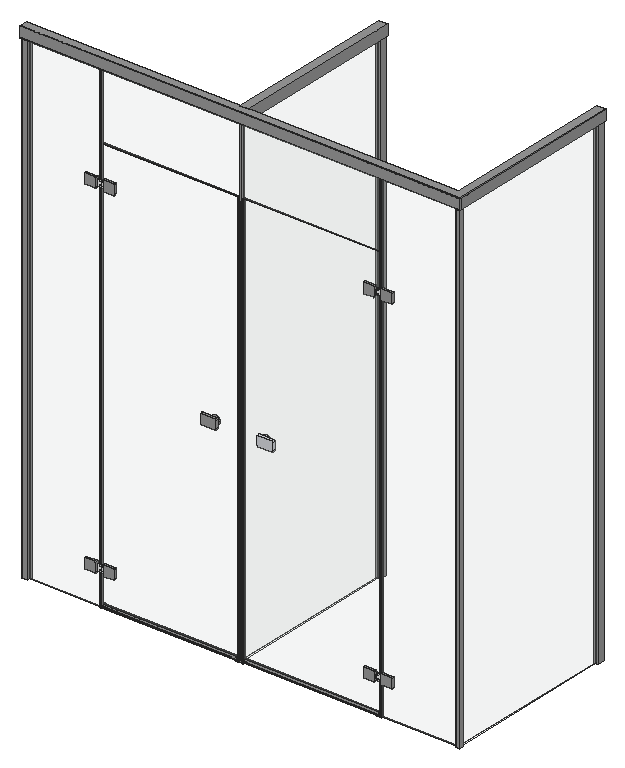
Revit family "Sanitary_Bath-screens_Modular system_Duscholux_SYSTEM210_S21-B", category Aparatos sanitarios, Revit 2019
Family settings
  Cota de conector redondo = Diámetro de uso
  Tipo de pieza = Normal
  Número OmniClass = 23.45.00.00
  Título OmniClass = Sanitary, Laundry, and Cleaning Equipment
  Se basa en plano de trabajo = No
  Siempre vertical = Sí
  Corte con vacíos al cargar = No
  Compartido = No
  Punto de cálculo de habitación = No
Parameters (values of type "Black Aluminium Finish")
  Width = 900 mm
  Uper profile guide = Anodized Aluminium_Duscholux Material-Black Finish
  Superior Glass Height = if(Max Doors Height < 2100 mm, 1 mm, (Max Height - 2134 mm))  # 366 mm
  Min Max Width = if(Width < 180 mm, 180 mm, if(Width > 1400 mm, 1400 mm, Width))  # 900 mm
  Min Max Length fixed segment 2 = if(Length fixed segment 2 < 180 mm, 180 mm, if(Length fixed segment 2 > 1400 mm, 1400 mm, Length fixed segment 2))  # 400 mm
  Min Max Length fixed segment = if(Length fixed segment 1 < 180 mm, 180 mm, if(Length fixed segment 1 > 1400 mm, 1400 mm, Length fixed segment 1))  # 400 mm
  Min Max Door aperture 2 = if(Door aperture 2 < 400 mm, 400 mm, if(Door aperture 2 > 1000 mm, 1000 mm, Door aperture 2))  # 700 mm
  Min Max Door aperture = if(Door aperture < 400 mm, 400 mm, if(Door aperture > 1000 mm, 1000 mm, Door aperture))  # 700 mm
  Max Doors Height = if(Max Height > 2154 mm, 2100 mm, (Max Height - 34 mm))  # 2100 mm
  Length fixed segment 2 = 400 mm
  Length fixed segment 1 = 400 mm
  Lenght = (Min Max Door aperture + Min Max Door aperture 2) + (Min Max Length fixed segment + Min Max Length fixed segment 2)  # 2200 mm
  Uniclass 2015 Description = "Shower Enclosures"
  Uniclass 2015 Code = "PR-40-20-06-79"
  URL = "http://www.duscholux.es/"
  UNSPSC Code = "30181507"
  Thickness Glass = 6 mm  # constant formula
  Thickness Fixed Segment = 8 mm  # constant formula
  Technical Inspection Certificate (Applus) = "http://www.duscholux.es/resources/custom/var/APPLUS_en.pdf"
  Series = "SYSTEM 210"
  Ref. = "S21_B"
  Products = "http://www.duscholux.es/mamparas_filtro.aspx?es"
  Openning right angle = 0.00°
  Openning left angle = 0.00°
  Opening System Image = "https://duscholux.es/resources/custom/img/System21/S21_B.jpg"
  Opening System = "Pivot Door"
  NBS Reference Description = "Shower Enclosures"
  NBS Reference Code = "45-35-70"
  Model = ""
  Min Max Openning angle = if(Openning left angle < -90.00°, -90.00°, if(Openning left angle > 90.00°, 90.00°, Openning left angle))  # 0.00°
  Max Height = if(Height < 1900 mm, 1900 mm, if(Height > 2500 mm, 2500 mm, Height))  # 2500 mm
  Maintenance and Cleaning = "http://www.duscholux.es/mamparas_limpieza.aspx?en"
  Image = "https://duscholux.es/resources/custom/img/System21/System21%205%20NEGRO%20baja.jpg"
  IFC Classification = "Furnishing Element"
  Height = 2500 mm
  Handle Material = Anodized Aluminium_Duscholux Material-Black Finish
  Handle Height = Max Doors Height / 2  # 1050 mm
  Glass in Building UNE EN 12150 = "CE Conformity marking"
  Glass Material = Glass_Material-Duscholux
  Frame Material = Anodized Aluminium_Duscholux Material-Black Finish
  Fact Sheet = "https://duscholux.es/mamparas_system210.aspx?es"
  Fabricante = "Duscholux Ibérica, S.A."
  Environmental Management ISO 14001 = "ECOEMBES Certificate"
  Door aperture 2 = 700 mm
  Door aperture = 700 mm
  Descripción = "Modular system with fixed segments + pivot doors at 180º for different types of rooms"
  Código de montaje = "C1030200"
  Configuration enclosure = "http://configuratumampara.duscholux.es/eCatalogo.aspx"
  Components = "Eropean components"
  Type Comments = ""
  Combinations = "Customizable upper guide"
  Certified Quality UNE EN 14428 = "http://www.duscholux.es/duscholux_downloads.aspx?es"
  COBIe Type Category = ""
  Accesories Material = Anodized Aluminium_Duscholux Material-Black Finish
Reference planes
  plane 1 "Centro (Frontal/Posterior)": y = 0
  plane 2: z = 0
  plane 3 "Centro (Izquierda/Derecha)": x = 0
  plane 4 "Altura total": z = 2500
  plane 5 "Altura tiradores": z = 1050
  plane 6: x = 4
  plane 7: y = 0
  plane 8 "Espesor puertas": y = 6
  plane 9 "Longitud total": x = 2200
  plane 10: z = 1920
  plane 11 "Espesor fijos": y = 8
  plane 12 "Eje inicio puerta 1": x = 400
  plane 13 "Inicio vidrio puerta": z = 8
  plane 14 "Altura bisagra inferior": z = 180
  plane 15 "Eje fijo central": x = 1100
  plane 16 "Eje inicio puerta 2": x = 1800
  plane 17 "Ancho total": y = 900
  plane 18: x = 2196
  plane 19: x = 2204
  plane 20 "Inicio guía superior": z = 2446
  plane 21: z = 1920
  plane 22 "Altura vidrio": z = 2466
  plane 23 "Altura puerta": z = 2100
  plane 24 "Altura bisagra superior": z = 1920
  plane 25: y = 3
Forms (mm)
  Extrusion 1, solid, material "Glass_Material-Duscholux" <- "Glass Material"
    sketch origin (0, 0, 0) x (1, 0, 0) y (0, 1, 0)
      loop
        line (6, 8) -> (6, 0) -> (394, 0) -> (394, 8) -> (6, 8)
    from 0 to 2466
  Extrusion 2, solid, material "Glass_Material-Duscholux" <- "Glass Material"
    sketch origin (400, 0, 0) x (1, 0, 0) y (0, 1, 0)
      loop
        line (0, 6) -> (0, 0) -> (686.029, 0) -> (686.029, 6) -> (0, 6)
    from 8 to 2100
  Extrusion 3, solid, material "Plástico, transparente"
    sketch origin (-322.583, -171.096, 0) x (1, 0, 0) y (0, 1, 0)
      loop
        line (716.583, 179.096) -> (716.583, 171.096) -> (711.583, 171.096) -> (711.583, 170.096) -> (716.583, 170.096) -> (721.183, 170.096)
        arc (721.183, 170.096) -> (722.583, 175.096) -> (721.183, 180.096) r 9.629
        line (721.183, 180.096) -> (716.583, 180.096) -> (711.583, 180.096) -> (711.583, 179.096) -> (716.583, 179.096)
      loop
        line (717.583, 170.596) -> (720.927, 170.596)
        arc (720.927, 170.596) -> (722.083, 175.096) -> (720.927, 179.596) r 9.338
        line (720.927, 179.596) -> (717.583, 179.596) -> (717.583, 170.596)
    from 1937.5 to 2446
  Extrusion 4, solid, material "Plástico, transparente"
    sketch origin (-322.583, -171.096, 0) x (1, 0, 0) y (0, 1, 0)
      loop
        line (716.583, 179.096) -> (716.583, 171.096) -> (711.583, 171.096) -> (711.583, 170.096) -> (716.583, 170.096) -> (721.183, 170.096)
        arc (721.183, 170.096) -> (722.583, 175.096) -> (721.183, 180.096) r 9.629
        line (721.183, 180.096) -> (716.583, 180.096) -> (711.583, 180.096) -> (711.583, 179.096) -> (716.583, 179.096)
      loop
        line (717.583, 170.596) -> (720.927, 170.596)
        arc (720.927, 170.596) -> (722.083, 175.096) -> (720.927, 179.596) r 9.338
        line (720.927, 179.596) -> (717.583, 179.596) -> (717.583, 170.596)
    from 197.5 to 1902.5
  Extrusion 5, solid, material "Plástico, transparente"
    sketch origin (-322.583, -171.096, 0) x (1, 0, 0) y (0, 1, 0)
      loop
        line (716.583, 179.096) -> (716.583, 171.096) -> (711.583, 171.096) -> (711.583, 170.096) -> (716.583, 170.096) -> (721.183, 170.096)
        arc (721.183, 170.096) -> (722.583, 175.096) -> (721.183, 180.096) r 9.629
        line (721.183, 180.096) -> (716.583, 180.096) -> (711.583, 180.096) -> (711.583, 179.096) -> (716.583, 179.096)
      loop
        line (717.583, 170.596) -> (720.927, 170.596)
        arc (720.927, 170.596) -> (722.083, 175.096) -> (720.927, 179.596) r 9.338
        line (720.927, 179.596) -> (717.583, 179.596) -> (717.583, 170.596)
    from 0 to 162.5
  Extrusion 6, solid, material "Plástico, transparente"
    sketch origin (1622.583, -171.096, 0) x (-1, 0, 0) y (0, -1, 0)
      loop
        line (-183.417, -179.096) -> (-188.417, -179.096) -> (-188.417, -180.096) -> (-183.417, -180.096) -> (-178.817, -180.096)
        arc (-178.817, -180.096) -> (-177.417, -175.096) -> (-178.817, -170.096) r 9.629
        line (-178.817, -170.096) -> (-183.417, -170.096) -> (-188.417, -170.096) -> (-188.417, -171.096) -> (-183.417, -171.096) -> (-183.417, -179.096)
      loop
        line (-182.417, -170.596) -> (-182.417, -179.596) -> (-179.073, -179.596)
        arc (-179.073, -179.596) -> (-177.917, -175.096) -> (-179.073, -170.596) r 9.338
        line (-179.073, -170.596) -> (-182.417, -170.596)
    from 1937.5 to 2446
  Extrusion 7, solid, material "Glass_Material-Duscholux" <- "Glass Material"
    sketch origin (0, 0, 0) x (1, 0, 0) y (0, 1, 0)
      loop
        line (1800, 8) -> (1800, 0) -> (2190.153, 0) -> (2190.153, 8) -> (1800, 8)
    from 0 to 2466
  Extrusion 8, solid, material "Plástico, transparente"
    sketch origin (1622.583, -171.096, 0) x (-1, 0, 0) y (0, -1, 0)
      loop
        line (-183.417, -179.096) -> (-188.417, -179.096) -> (-188.417, -180.096) -> (-183.417, -180.096) -> (-178.817, -180.096)
        arc (-178.817, -180.096) -> (-177.417, -175.096) -> (-178.817, -170.096) r 9.629
        line (-178.817, -170.096) -> (-183.417, -170.096) -> (-188.417, -170.096) -> (-188.417, -171.096) -> (-183.417, -171.096) -> (-183.417, -179.096)
      loop
        line (-182.417, -170.596) -> (-182.417, -179.596) -> (-179.073, -179.596)
        arc (-179.073, -179.596) -> (-177.917, -175.096) -> (-179.073, -170.596) r 9.338
        line (-179.073, -170.596) -> (-182.417, -170.596)
    from 197.5 to 1902.5
  Extrusion 9, solid, material "Plástico, transparente"
    sketch origin (1622.583, -171.096, 0) x (-1, 0, 0) y (0, -1, 0)
      loop
        line (-183.417, -179.096) -> (-188.417, -179.096) -> (-188.417, -180.096) -> (-183.417, -180.096) -> (-178.817, -180.096)
        arc (-178.817, -180.096) -> (-177.417, -175.096) -> (-178.817, -170.096) r 9.629
        line (-178.817, -170.096) -> (-183.417, -170.096) -> (-188.417, -170.096) -> (-188.417, -171.096) -> (-183.417, -171.096) -> (-183.417, -179.096)
      loop
        line (-182.417, -170.596) -> (-182.417, -179.596) -> (-179.073, -179.596)
        arc (-179.073, -179.596) -> (-177.917, -175.096) -> (-179.073, -170.596) r 9.338
        line (-179.073, -170.596) -> (-182.417, -170.596)
    from 0 to 162.5
  Extrusion 10, solid, material "Anodized Aluminium_Duscholux Material-Black Finish" <- "Frame Material"
    sketch origin (-3.847, 0, 0) x (1, 0, 0) y (0, 1, 0)
      loop
        line (2199.647, 14.15) -> (2199.647, 17.65) -> (2197.497, 17.65) -> (2197.497, 10.35) -> (2190.5, 10.35) -> (2190.5, 8.2) -> (2194, 8.2) -> (2194, -0.2) -> (2190.5, -0.2) -> (2190.5, -2.35) -> (2210.197, -2.35) -> (2210.197, 17.65) -> (2208.047, 17.65) -> (2208.047, 14.15) -> (2199.647, 14.15)
    from 0 to 2446
  Extrusion 11, solid, material "Glass_Material-Duscholux" <- "Glass Material"
    sketch origin (0, 0, 0) x (1, 0, 0) y (0, 1, 0)
      loop
        line (2196, 14.15) -> (2204, 14.15) -> (2204, 893.362) -> (2196, 893.362) -> (2196, 14.15)
    from 0 to 2466
  Extrusion 12, solid, material "Anodized Aluminium_Duscholux Material-Black Finish" <- "Frame Material"
    sketch origin (0, 99.299, 0) x (1, 0, 0) y (0, 1, 0)
      loop
        line (2190, 799.201) -> (2210, 799.201) -> (2210, 779.851) -> (2204.3, 779.851) -> (2204.3, 769.201) -> (2211.5, 769.201) -> (2211.5, 800.701) -> (2188.5, 800.701) -> (2188.5, 769.201) -> (2195.7, 769.201) -> (2195.7, 779.851) -> (2190, 779.851) -> (2190, 799.201)
    from 0 to 2446
  Extrusion 13, solid, material "Anodized Aluminium_Duscholux Material-Black Finish" <- "Accesories Material"
    sketch origin (0, 0, 0) x (1, 0, 0) y (0, 0, 1)
      loop
        line (2221.849, 2446) -> (2221.849, 2447.8) -> (2219.349, 2447.8) -> (2219.349, 2498.2) -> (2221.849, 2498.2) -> (2221.849, 2500) -> (2180.019, 2500) -> (2180.019, 2446) -> (2194.119, 2446) -> (2194.119, 2488.9) -> (2205.881, 2488.9) -> (2205.881, 2446) -> (2221.849, 2446)
    from -900 to -23.981
  Extrusion 14, solid, material "Anodized Aluminium_Duscholux Material-Black Finish" <- "Accesories Material"
    sketch origin (0, 0, 0) x (0, 1, 0) y (0, 0, 1)
      loop
        line (-17.849, 2500) -> (-17.849, 2498.2) -> (-15.349, 2498.2) -> (-15.349, 2447.8) -> (-17.849, 2447.8) -> (-17.849, 2446) -> (-1.881, 2446) -> (-1.881, 2488.9) -> (9.881, 2488.9) -> (9.881, 2446) -> (23.981, 2446) -> (23.981, 2500) -> (-17.849, 2500)
    from 0 to 2219.546
  Extrusion 15, solid, material "Anodized Aluminium_Duscholux Material-Black Finish" <- "Uper profile guide"
    sketch origin (0, 0, 0) x (1, 0, 0) y (0, 0, 1)
      loop
        line (2221.946, 2498) -> (2219.546, 2498) -> (2219.546, 2448) -> (2221.946, 2448) -> (2221.946, 2498)
    from -900 to 15.349
  Extrusion 16, solid, material "Anodized Aluminium_Duscholux Material-Black Finish" <- "Accesories Material"
    sketch origin (0, 0, 0) x (1, 0, 0) y (0, 0, 1)
      loop
        line (2221.849, 2500) -> (2219.546, 2500) -> (2219.546, 2498.2) -> (2221.849, 2498.2) -> (2221.849, 2500)
    from -23.981 to 17.849
  Extrusion 17, solid, material "Anodized Aluminium_Duscholux Material-Black Finish" <- "Accesories Material"
    sketch origin (0, 0, 0) x (1, 0, 0) y (0, 0, 1)
      loop
        line (2221.849, 2446) -> (2221.849, 2447.8) -> (2219.546, 2447.8) -> (2219.546, 2446) -> (2221.849, 2446)
    from -23.981 to 17.849
  Extrusion 18, solid, material "Anodized Aluminium_Duscholux Material-Black Finish" <- "Frame Material"
    sketch origin (-850.934, 99.299, 0) x (1, 0, 0) y (0, 1, 0)
      loop
        line (1940, 799.201) -> (1960, 799.201) -> (1960, 779.851) -> (1954.3, 779.851) -> (1954.3, 769.201) -> (1961.5, 769.201) -> (1961.5, 800.701) -> (1938.5, 800.701) -> (1938.5, 769.201) -> (1945.7, 769.201) -> (1945.7, 779.851) -> (1940, 779.851) -> (1940, 799.201)
    from 0 to 2446
  Extrusion 19, solid, material "Glass_Material-Duscholux" <- "Glass Material"
    sketch origin (0, 0, 0) x (1, 0, 0) y (0, 1, 0)
      loop
        line (1096, 893.362) -> (1096, 8) -> (1104, 8) -> (1104, 893.362) -> (1096, 893.362)
    from 0 to 2466
  Extrusion 20, solid, material "Anodized Aluminium_Duscholux Material-Black Finish" <- "Frame Material"
    sketch origin (0, 0, 0) x (1, 0, 0) y (0, 0, 1)
      loop
        line (1119.981, 2500) -> (1078.151, 2500) -> (1078.151, 2446) -> (1094.119, 2446) -> (1094.119, 2488.9) -> (1105.881, 2488.9) -> (1105.881, 2446) -> (1119.981, 2446) -> (1119.981, 2500)
    from -900 to -23.981
  Extrusion 21, solid, material "Anodized Aluminium_Duscholux Material-Black Finish" <- "Frame Material"
    sketch origin (0, 0, 0) x (1, 0, 0) y (0, 1, 0)
      loop
        line (1096.002, 8.01) -> (1096.002, 10.48) -> (1094.698, 10.48) -> (1094.698, 5.41) -> (1092.998, 5.41) -> (1092.998, 0.61) -> (1094.698, 0.61) -> (1094.698, -2.045) -> (1105.298, -2.045) -> (1105.298, 0.61) -> (1106.998, 0.61) -> (1106.998, 5.41) -> (1105.298, 5.41) -> (1105.298, 10.519) -> (1103.998, 10.519) -> (1103.998, 8.01) -> (1096.002, 8.01)
    from 0 to 2446
  Extrusion 22, solid, material "Anodized Aluminium_Duscholux Material-Black Finish" <- "Frame Material"
    sketch origin (400, 0, 0) x (1, 0, 0) y (0, 1, 0)
      loop
        line (690.629, 7.547) -> (686.92, 7.807) -> (684.069, 7.095) -> (684.069, 6.095) -> (686.029, 6.095) -> (686.029, 3) -> (686.029, -0.095) -> (684.069, -0.095) -> (684.069, -1.095) -> (686.92, -1.807) -> (690.629, -1.547) -> (691.329, -0.593) -> (691.329, 0.6) -> (692.829, 0.6) -> (692.829, 3) -> (692.829, 5.4) -> (691.329, 5.4) -> (691.329, 6.593) -> (690.629, 7.547)
    from 0 to 2100
  Extrusion 23, solid, material "Glass_Material-Duscholux" <- "Glass Material"
    sketch origin (0, 0, 0) x (1, 0, 0) y (0, 1, 0)
      loop
        line (400, 8) -> (400, 0) -> (1092.998, 0) -> (1092.998, 8) -> (400, 8)
    from 2100 to 2466
  Extrusion 24, solid, material "Anodized Aluminium_Duscholux Material-Black Finish" <- "Frame Material"
    sketch origin (1100.701, -1896, 0) x (0, 1, 0) y (-1, 0, 0)
      loop
        line (1890, 1099.201) -> (1910, 1099.201) -> (1910, 1079.851) -> (1904.3, 1079.851) -> (1904.3, 1069.201) -> (1911.5, 1069.201) -> (1911.5, 1100.701) -> (1888.5, 1100.701) -> (1888.5, 1069.201) -> (1895.7, 1069.201) -> (1895.7, 1079.851) -> (1890, 1079.851) -> (1890, 1099.201)
    from 0 to 2446
  Extrusion 25, solid, material "Anodized Aluminium_Duscholux Material-Black Finish" <- "Frame Material"
    sketch origin (1800, 0, 0) x (-1, 0, 0) y (0, -1, 0)
      loop
        line (684.069, -6.095) -> (684.069, -7.095) -> (686.92, -7.807) -> (690.629, -7.547) -> (691.329, -6.593) -> (691.329, -5.4) -> (692.829, -5.4) -> (692.829, -3) -> (692.829, -0.6) -> (691.329, -0.6) -> (691.329, 0.593) -> (690.629, 1.547) -> (686.92, 1.807) -> (684.069, 1.095) -> (684.069, 0.095) -> (686.029, 0.095) -> (686.029, -3) -> (686.029, -6.095) -> (684.069, -6.095)
    from 0 to 2100
  Extrusion 26, solid, material "Glass_Material-Duscholux" <- "Glass Material"
    sketch origin (1800, 0, 0) x (-1, 0, 0) y (0, -1, 0)
      loop
        line (686.029, -6) -> (686.029, 0) -> (0, 0) -> (0, -6) -> (686.029, -6)
    from 8 to 2100
  Extrusion 27, solid, material "Glass_Material-Duscholux" <- "Glass Material"
    sketch origin (0, 0, 0) x (1, 0, 0) y (0, 1, 0)
      loop
        line (1106.998, 8) -> (1106.998, 0) -> (1800, 0) -> (1800, 8) -> (1106.998, 8)
    from 2100 to 2466
  Extrusion 28, solid, material "Anodized Aluminium_Duscholux Material-Black Finish" <- "Uper profile guide"
    sketch origin (0, 0, 0) x (0, 1, 0) y (0, 0, 1)
      loop
        line (-15.546, 2498) -> (-17.946, 2498) -> (-17.946, 2448) -> (-15.546, 2448) -> (-15.546, 2498)
    from 0 to 2221.946
Cuts and joins
  joined: Extrusion 13, Extrusion 14, Extrusion 16, Extrusion 17
Lines and regions (mm)
  reference lines
    curve 1: line (400, 0, 0) -> (1100, 0, 0)
    curve 8: line (1800, 0, 0) -> (1100, 0, 0)
    curve 10: line (1229.262, -20, 0) -> (1229.262, 105, 0)
  symbolic lines
    curve 2: line (400, -700, 0) -> (400, 0, 0)
    curve 3: line (400, 700, 0) -> (400, 0, 0)
    curve 4: arc (400, 700, 0) -> (1100, 0, 0) -> (400, -700, 0) r 700
    curve 5: line (1806.92, 700, 0) -> (1806.92, 0, 0)
    curve 6: line (1806.92, -700, 0) -> (1806.92, 0, 0)
    curve 7: arc (1806.92, -700, 0) -> (1106.92, 0, 0) -> (1806.92, 700, 0) r 700
    curve 9: arc (1803.46, 699.991, 0) -> (1100, 0, 0) -> (1803.46, -699.991, 0) r 700
Dimensions and locks
  locked: plane 3 "Centro (Izquierda/Derecha)" to plane 6 at 4
  "Handle Height": plane 5 "Altura tiradores" to level
  locked: nested 3 to Extrusion 4 at 17.5
  locked: Extrusion 3 to plane 10 at 17.5
  "Min Max Length fixed segment": plane 3 "Centro (Izquierda/Derecha)" to plane 12 "Eje inicio puerta 1"
  locked: nested 3 to plane 12 "Eje inicio puerta 1" at 6
  locked: plane 12 "Eje inicio puerta 1" to nested 3 at 6
  "Min Max Door aperture": curve 1 to curve 1
  locked: plane 13 "Inicio vidrio puerta" to level at 8
  locked: plane 14 "Altura bisagra inferior" to level at 180
  "Max Height": plane 4 "Altura total" to level
  "Min Max Length fixed segment 2": plane 16 "Eje inicio puerta 2" to plane 9 "Longitud total"
  "Min Max Door aperture": curve 2 to curve 2
  "Min Max Door aperture": curve 3 to curve 3
  "Min Max Door aperture 2": curve 5 to curve 5
  "Min Max Door aperture 2": curve 6 to curve 6
  "Thickness Fixed Segment": Extrusion 1 to Extrusion 1
  "Thickness Fixed Segment": Extrusion 7 to Extrusion 7
  plane 18 to plane 9 "Longitud total" to plane 19 = 4 mm, 4 mm
  locked: plane 17 "Ancho total" to Extrusion 11 at 6.638
  "Min Max Width": plane 17 "Ancho total" to plane 7
  locked: Extrusion 13 to plane 9 "Longitud total" at 19.981
  locked: plane 9 "Longitud total" to Extrusion 15 at 19.546
  locked: Extrusion 15 to cut or joined group of Extrusion 13, Extrusion 14, Extrusion 16, Extrusion 17 at 2.4
  locked: plane 17 "Ancho total" to Extrusion 19 at 6.638
  locked: plane 4 "Altura total" to plane 20 "Inicio guía superior" at 54
  locked: plane 22 "Altura vidrio" to plane 20 "Inicio guía superior" at 20
  "Max Doors Height": plane 23 "Altura puerta" to level
  locked: plane 23 "Altura puerta" to plane 24 "Altura bisagra superior" at 180
  "Superior Glass Height": Extrusion 23 to plane 23 "Altura puerta"
  locked: Extrusion 24 to plane 7 at 7.5
  "Lenght": plane 3 "Centro (Izquierda/Derecha)" to plane 9 "Longitud total"
  "Min Max Door aperture 2": plane 15 "Eje fijo central" to plane 16 "Eje inicio puerta 2"
  "Min Max Door aperture 2": curve 8 to curve 8
  locked: nested 9 to curve 10 at 113.331
  "Superior Glass Height": Extrusion 27 to plane 23 "Altura puerta"
  "Openning left angle": angle curve 1 to plane 7
  "Openning right angle": angle plane 7 to curve 8
  locked: curve 10 to curve 8 (angle 90.00°)
  aligned and locked: level to plane 2
  aligned and locked: plane 12 "Eje inicio puerta 1" to curve 1
  aligned and locked: plane 7 to curve 1
  aligned and locked: nested 3 to plane 10
  aligned and locked: nested 4 to Extrusion 2
  aligned and locked: nested 2 to Extrusion 2
  aligned and locked: nested 5 to plane 10
  aligned and locked: nested 5 to Extrusion 2
  aligned and locked: Extrusion 2 to plane 13 "Inicio vidrio puerta"
  aligned and locked: Extrusion 5 to level
  aligned and locked: plane 10 to nested 7
  aligned and locked: Extrusion 3 to Extrusion 6
  aligned and locked: Extrusion 8 to Extrusion 4
  aligned and locked: Extrusion 4 to Extrusion 8
  aligned and locked: Extrusion 9 to Extrusion 7
  aligned and locked: Extrusion 9 to Extrusion 5
  aligned and locked: Extrusion 7 to nested 7
  aligned and locked: Extrusion 7 to nested 6
  aligned and locked: nested 8 to plane 5 "Altura tiradores"
  aligned and locked: Extrusion 7 to Extrusion 10
  aligned and locked: Extrusion 11 sketch curve to plane 18
  aligned and locked: plane 19 to Extrusion 11 sketch curve
  aligned and locked: plane 17 "Ancho total" to Extrusion 12
  aligned and locked: plane 17 "Ancho total" to Extrusion 13
  aligned and locked: plane 20 "Inicio guía superior" to Extrusion 12
  aligned and locked: plane 20 "Inicio guía superior" to Extrusion 6
  aligned and locked: plane 17 "Ancho total" to Extrusion 15
  aligned and locked: Extrusion 14 to Extrusion 15
  aligned and locked: Extrusion 16 sketch curve to cut or joined group of Extrusion 13, Extrusion 14, Extrusion 16, Extrusion 17  (x3)
  aligned and locked: cut or joined group of Extrusion 13, Extrusion 14, Extrusion 16, Extrusion 17 to Extrusion 16 sketch curve
  aligned and locked: Extrusion 16 to cut or joined group of Extrusion 13, Extrusion 14, Extrusion 16, Extrusion 17
  aligned and locked: Extrusion 17 sketch curve to cut or joined group of Extrusion 13, Extrusion 14, Extrusion 16, Extrusion 17  (x3)
  aligned and locked: cut or joined group of Extrusion 13, Extrusion 14, Extrusion 16, Extrusion 17 to Extrusion 17 sketch curve
  aligned and locked: Extrusion 17 to cut or joined group of Extrusion 13, Extrusion 14, Extrusion 16, Extrusion 17  (x2)
  aligned and locked: plane 20 "Inicio guía superior" to Extrusion 10
  aligned and locked: plane 17 "Ancho total" to Extrusion 20
  aligned and locked: Extrusion 14 to plane 3 "Centro (Izquierda/Derecha)"
  aligned and locked: Extrusion 3 to cut or joined group of Extrusion 13, Extrusion 14, Extrusion 16, Extrusion 17
  aligned and locked: cut or joined group of Extrusion 13, Extrusion 14, Extrusion 16, Extrusion 17 to plane 20 "Inicio guía superior"
  aligned and locked: plane 22 "Altura vidrio" to Extrusion 11
  aligned and locked: plane 22 "Altura vidrio" to Extrusion 19
  aligned and locked: plane 22 "Altura vidrio" to Extrusion 7
  aligned and locked: plane 22 "Altura vidrio" to Extrusion 1
  aligned and locked: plane 20 "Inicio guía superior" to Extrusion 18
  aligned and locked: plane 23 "Altura puerta" to Extrusion 2
  aligned and locked: Extrusion 21 to cut or joined group of Extrusion 13, Extrusion 14, Extrusion 16, Extrusion 17
  aligned and locked: Extrusion 19 to plane 11 "Espesor fijos"
  aligned and locked: nested 4 to Extrusion 22
  aligned and locked: Extrusion 22 to Extrusion 2
  aligned and locked: plane 10 to plane 24 "Altura bisagra superior"
  aligned and locked: Extrusion 23 to Extrusion 21
  aligned and locked: Extrusion 23 to plane 12 "Eje inicio puerta 1"
  aligned and locked: Extrusion 23 to plane 23 "Altura puerta"
  aligned and locked: Extrusion 24 to plane 3 "Centro (Izquierda/Derecha)"
  aligned and locked: plane 20 "Inicio guía superior" to Extrusion 24
  aligned and locked: plane 7 to curve 8
  aligned and locked: plane 16 "Eje inicio puerta 2" to curve 8
  aligned and locked: plane 23 "Altura puerta" to Extrusion 25
  aligned and locked: Extrusion 26 sketch curve to Extrusion 25
  aligned and locked: Extrusion 26 sketch curve to curve 8
  aligned and locked: plane 23 "Altura puerta" to Extrusion 26
  aligned and locked: Extrusion 26 to plane 13 "Inicio vidrio puerta"
  aligned and locked: Extrusion 25 to nested 9
  aligned and locked: Extrusion 26 to nested 9
  aligned and locked: plane 14 "Altura bisagra inferior" to nested 11
  aligned and locked: plane 24 "Altura bisagra superior" to nested 10
  aligned and locked: plane 5 "Altura tiradores" to nested 12
  aligned and locked: Extrusion 23 to Extrusion 27 sketch curve
  aligned and locked: Extrusion 27 sketch curve to Extrusion 7  (x2)
  aligned and locked: Extrusion 27 to Extrusion 21
  aligned and locked: Extrusion 2 to Extrusion 27
  aligned and locked: curve 10 to nested 12
  aligned and locked: Extrusion 28 to Extrusion 15
Automatic sketch dimensions
  plane 1 "Centro (Frontal/Posterior)" to Extrusion 1 sketch curve = 0 mm
  Extrusion 1 sketch curve to plane 11 "Espesor fijos" = 0 mm
  plane 6 to Extrusion 1 sketch curve = 2 mm
  Extrusion 1 sketch curve to plane 12 "Eje inicio puerta 1" = 6 mm
  Extrusion 2 sketch curve to curve 1 = 0 mm  (x2)
  curve 1 to Extrusion 2 sketch curve = 6 mm
  Extrusion 2 sketch curve to curve 1 = 13.971 mm
  Extrusion 3 sketch curve to plane 11 "Espesor fijos" = 0 mm
  plane 1 "Centro (Frontal/Posterior)" to Extrusion 3 sketch curve = 0 mm
  Extrusion 3 sketch curve to plane 12 "Eje inicio puerta 1" = 11 mm
  Extrusion 3 sketch curve to Extrusion 3 sketch curve = 0 mm  (x4)
  Extrusion 3 sketch curve to plane 25 = 1 mm
  Extrusion 3 sketch curve to Extrusion 3 sketch curve = 1.162 mm
  Extrusion 3 sketch curve to Extrusion 3 sketch curve = 0.209 mm
  Extrusion 3 sketch curve to Extrusion 3 sketch curve = 5 mm
  plane 1 "Centro (Frontal/Posterior)" to Extrusion 3 sketch curve = 0.5 mm
  Extrusion 3 sketch curve to Extrusion 3 sketch curve = 1 mm
  plane 11 "Espesor fijos" to Extrusion 3 sketch curve = 0.5 mm
  Extrusion 3 sketch curve to plane 12 "Eje inicio puerta 1" = 1.656 mm
  Extrusion 3 sketch curve to Extrusion 3 sketch curve = 0.256 mm  (x2)
  plane 1 "Centro (Frontal/Posterior)" to Extrusion 3 sketch curve = 1 mm
  Extrusion 4 sketch curve to plane 11 "Espesor fijos" = 0 mm
  plane 1 "Centro (Frontal/Posterior)" to Extrusion 4 sketch curve = 0 mm
  Extrusion 4 sketch curve to plane 12 "Eje inicio puerta 1" = 11 mm
  Extrusion 4 sketch curve to Extrusion 4 sketch curve = 0 mm  (x4)
  Extrusion 4 sketch curve to plane 25 = 1 mm
  Extrusion 4 sketch curve to Extrusion 4 sketch curve = 1.162 mm
  Extrusion 4 sketch curve to Extrusion 4 sketch curve = 0.209 mm
  Extrusion 4 sketch curve to Extrusion 4 sketch curve = 5 mm
  plane 1 "Centro (Frontal/Posterior)" to Extrusion 4 sketch curve = 0.5 mm
  Extrusion 4 sketch curve to Extrusion 4 sketch curve = 1 mm
  plane 11 "Espesor fijos" to Extrusion 4 sketch curve = 0.5 mm
  Extrusion 4 sketch curve to plane 12 "Eje inicio puerta 1" = 1.656 mm
  Extrusion 4 sketch curve to Extrusion 4 sketch curve = 0.256 mm  (x2)
  plane 1 "Centro (Frontal/Posterior)" to Extrusion 4 sketch curve = 1 mm
  Extrusion 5 sketch curve to plane 11 "Espesor fijos" = 0 mm
  plane 1 "Centro (Frontal/Posterior)" to Extrusion 5 sketch curve = 0 mm
  Extrusion 5 sketch curve to plane 12 "Eje inicio puerta 1" = 11 mm
  Extrusion 5 sketch curve to Extrusion 5 sketch curve = 0 mm  (x4)
  Extrusion 5 sketch curve to plane 25 = 1 mm
  Extrusion 5 sketch curve to Extrusion 5 sketch curve = 1.162 mm
  Extrusion 5 sketch curve to Extrusion 5 sketch curve = 0.209 mm
  Extrusion 5 sketch curve to Extrusion 5 sketch curve = 5 mm
  plane 1 "Centro (Frontal/Posterior)" to Extrusion 5 sketch curve = 0.5 mm
  Extrusion 5 sketch curve to Extrusion 5 sketch curve = 1 mm  (x2)
  plane 11 "Espesor fijos" to Extrusion 5 sketch curve = 0.5 mm
  Extrusion 5 sketch curve to plane 12 "Eje inicio puerta 1" = 1.656 mm
  Extrusion 5 sketch curve to Extrusion 5 sketch curve = 0.256 mm  (x2)
  Extrusion 6 sketch curve to plane 11 "Espesor fijos" = 0 mm
  plane 1 "Centro (Frontal/Posterior)" to Extrusion 6 sketch curve = 0 mm
  Extrusion 6 sketch curve to plane 16 "Eje inicio puerta 2" = 11 mm
  Extrusion 6 sketch curve to Extrusion 6 sketch curve = 0 mm  (x4)
  plane 25 to Extrusion 6 sketch curve = 1 mm
  Extrusion 6 sketch curve to Extrusion 6 sketch curve = 1.162 mm
  Extrusion 6 sketch curve to Extrusion 6 sketch curve = 0.209 mm
  Extrusion 6 sketch curve to Extrusion 6 sketch curve = 5 mm
  Extrusion 6 sketch curve to plane 1 "Centro (Frontal/Posterior)" = 0.5 mm
  Extrusion 6 sketch curve to Extrusion 6 sketch curve = 1 mm
  Extrusion 6 sketch curve to plane 11 "Espesor fijos" = 0.5 mm
  Extrusion 6 sketch curve to plane 16 "Eje inicio puerta 2" = 1.656 mm
  Extrusion 6 sketch curve to Extrusion 6 sketch curve = 0.256 mm  (x2)
  Extrusion 6 sketch curve to plane 1 "Centro (Frontal/Posterior)" = 1 mm
  plane 1 "Centro (Frontal/Posterior)" to Extrusion 7 sketch curve = 0 mm
  Extrusion 7 sketch curve to plane 16 "Eje inicio puerta 2" = 0 mm
  plane 11 "Espesor fijos" to Extrusion 7 sketch curve = 0 mm
  Extrusion 7 sketch curve to plane 18 = 5.847 mm
  Extrusion 8 sketch curve to plane 11 "Espesor fijos" = 0 mm
  plane 1 "Centro (Frontal/Posterior)" to Extrusion 8 sketch curve = 0 mm
  Extrusion 8 sketch curve to plane 16 "Eje inicio puerta 2" = 11 mm
  Extrusion 8 sketch curve to Extrusion 8 sketch curve = 0 mm  (x4)
  plane 25 to Extrusion 8 sketch curve = 1 mm
  Extrusion 8 sketch curve to Extrusion 8 sketch curve = 1.162 mm
  Extrusion 8 sketch curve to Extrusion 8 sketch curve = 0.209 mm
  Extrusion 8 sketch curve to Extrusion 8 sketch curve = 5 mm
  Extrusion 8 sketch curve to plane 1 "Centro (Frontal/Posterior)" = 0.5 mm
  Extrusion 8 sketch curve to Extrusion 8 sketch curve = 1 mm
  Extrusion 8 sketch curve to plane 11 "Espesor fijos" = 0.5 mm
  Extrusion 8 sketch curve to plane 16 "Eje inicio puerta 2" = 1.656 mm
  Extrusion 8 sketch curve to Extrusion 8 sketch curve = 0.256 mm  (x2)
  Extrusion 8 sketch curve to plane 1 "Centro (Frontal/Posterior)" = 1 mm
  Extrusion 9 sketch curve to plane 11 "Espesor fijos" = 0 mm
  plane 1 "Centro (Frontal/Posterior)" to Extrusion 9 sketch curve = 0 mm
  Extrusion 9 sketch curve to plane 16 "Eje inicio puerta 2" = 11 mm
  Extrusion 9 sketch curve to Extrusion 9 sketch curve = 0 mm  (x4)
  plane 25 to Extrusion 9 sketch curve = 1 mm
  Extrusion 9 sketch curve to Extrusion 9 sketch curve = 1.162 mm
  Extrusion 9 sketch curve to Extrusion 9 sketch curve = 0.209 mm
  Extrusion 9 sketch curve to Extrusion 9 sketch curve = 5 mm
  Extrusion 9 sketch curve to plane 1 "Centro (Frontal/Posterior)" = 0.5 mm
  Extrusion 9 sketch curve to Extrusion 9 sketch curve = 1 mm
  Extrusion 9 sketch curve to plane 11 "Espesor fijos" = 0.5 mm
  Extrusion 9 sketch curve to plane 16 "Eje inicio puerta 2" = 1.656 mm
  Extrusion 9 sketch curve to Extrusion 9 sketch curve = 0.256 mm  (x2)
  Extrusion 9 sketch curve to plane 1 "Centro (Frontal/Posterior)" = 1 mm
  plane 1 "Centro (Frontal/Posterior)" to Extrusion 10 sketch curve = 2.35 mm
  Extrusion 10 sketch curve to plane 18 = 9.347 mm
  plane 11 "Espesor fijos" to Extrusion 10 sketch curve = 0.2 mm
  Extrusion 10 sketch curve to Extrusion 10 sketch curve = 0 mm
  plane 1 "Centro (Frontal/Posterior)" to Extrusion 10 sketch curve = 0.2 mm
  Extrusion 10 sketch curve to Extrusion 10 sketch curve = 3.5 mm  (x3)
  Extrusion 10 sketch curve to plane 18 = 2.35 mm
  Extrusion 10 sketch curve to plane 18 = 0.2 mm
  plane 19 to Extrusion 10 sketch curve = 0.2 mm
  Extrusion 10 sketch curve to Extrusion 10 sketch curve = 2.15 mm  (x2)
  plane 11 "Espesor fijos" to Extrusion 10 sketch curve = 6.15 mm
  plane 11 "Espesor fijos" to Extrusion 11 sketch curve = 6.15 mm
  Extrusion 11 sketch curve to plane 17 "Ancho total" = 6.638 mm
  Extrusion 12 sketch curve to plane 17 "Ancho total" = 0 mm
  Extrusion 12 sketch curve to plane 18 = 7.5 mm
  Extrusion 12 sketch curve to Extrusion 12 sketch curve = 1.5 mm  (x2)
  Extrusion 12 sketch curve to plane 18 = 0.3 mm
  plane 19 to Extrusion 12 sketch curve = 0.3 mm
  Extrusion 12 sketch curve to Extrusion 12 sketch curve = 5.7 mm
  Extrusion 12 sketch curve to plane 17 "Ancho total" = 1.5 mm
  Extrusion 12 sketch curve to Extrusion 12 sketch curve = 19.35 mm
  Extrusion 12 sketch curve to Extrusion 12 sketch curve = 0 mm  (x2)
  Extrusion 12 sketch curve to Extrusion 12 sketch curve = 10.65 mm
  Extrusion 13 sketch curve to plane 4 "Altura total" = 0 mm
  Extrusion 13 sketch curve to plane 20 "Inicio guía superior" = 0 mm
  Extrusion 13 sketch curve to plane 18 = 15.981 mm
  Extrusion 13 sketch curve to plane 18 = 1.881 mm
  plane 19 to Extrusion 13 sketch curve = 1.881 mm
  Extrusion 13 sketch curve to plane 4 "Altura total" = 1.8 mm
  plane 19 to Extrusion 13 sketch curve = 15.349 mm
  Extrusion 13 sketch curve to Extrusion 13 sketch curve = 2.5 mm  (x2)
  plane 20 "Inicio guía superior" to Extrusion 13 sketch curve = 0 mm
  Extrusion 13 sketch curve to Extrusion 13 sketch curve = 1.8 mm
  Extrusion 13 sketch curve to plane 4 "Altura total" = 11.1 mm
  Extrusion 14 sketch curve to plane 4 "Altura total" = 0 mm
  Extrusion 14 sketch curve to plane 20 "Inicio guía superior" = 0 mm  (x2)
  plane 1 "Centro (Frontal/Posterior)" to Extrusion 14 sketch curve = 17.849 mm  (x2)
  plane 20 "Inicio guía superior" to Extrusion 14 sketch curve = 1.8 mm
  Extrusion 14 sketch curve to Extrusion 14 sketch curve = 2.5 mm
  plane 1 "Centro (Frontal/Posterior)" to Extrusion 14 sketch curve = 1.881 mm
  plane 11 "Espesor fijos" to Extrusion 14 sketch curve = 1.881 mm
  plane 11 "Espesor fijos" to Extrusion 14 sketch curve = 15.981 mm
  Extrusion 14 sketch curve to plane 4 "Altura total" = 11.1 mm
  Extrusion 14 sketch curve to plane 4 "Altura total" = 1.8 mm
  Extrusion 15 sketch curve to plane 4 "Altura total" = 2 mm
  plane 19 to Extrusion 15 sketch curve = 15.546 mm
  Extrusion 15 sketch curve to Extrusion 15 sketch curve = 2.4 mm
  plane 20 "Inicio guía superior" to Extrusion 15 sketch curve = 2 mm
  Extrusion 18 sketch curve to plane 17 "Ancho total" = 0 mm
  Extrusion 18 sketch curve to plane 15 "Eje fijo central" = 12.434 mm
  Extrusion 18 sketch curve to Extrusion 18 sketch curve = 1.5 mm  (x2)
  Extrusion 18 sketch curve to plane 15 "Eje fijo central" = 5.234 mm
  plane 15 "Eje fijo central" to Extrusion 18 sketch curve = 3.366 mm
  Extrusion 18 sketch curve to Extrusion 18 sketch curve = 5.7 mm
  Extrusion 18 sketch curve to plane 17 "Ancho total" = 1.5 mm
  Extrusion 18 sketch curve to Extrusion 18 sketch curve = 19.35 mm
  Extrusion 18 sketch curve to Extrusion 18 sketch curve = 0 mm  (x2)
  Extrusion 18 sketch curve to Extrusion 18 sketch curve = 10.65 mm
  Extrusion 19 sketch curve to plane 11 "Espesor fijos" = 0 mm
  Extrusion 19 sketch curve to plane 15 "Eje fijo central" = 4 mm
  plane 15 "Eje fijo central" to Extrusion 19 sketch curve = 4 mm
  Extrusion 19 sketch curve to plane 17 "Ancho total" = 6.638 mm
  Extrusion 20 sketch curve to plane 4 "Altura total" = 0 mm
  Extrusion 20 sketch curve to plane 20 "Inicio guía superior" = 0 mm  (x2)
  Extrusion 20 sketch curve to plane 15 "Eje fijo central" = 21.849 mm
  Extrusion 20 sketch curve to plane 15 "Eje fijo central" = 5.881 mm
  plane 15 "Eje fijo central" to Extrusion 20 sketch curve = 5.881 mm
  Extrusion 20 sketch curve to Extrusion 20 sketch curve = 14.1 mm
  Extrusion 20 sketch curve to plane 4 "Altura total" = 11.1 mm
  Extrusion 21 sketch curve to plane 1 "Centro (Frontal/Posterior)" = 0.61 mm  (x2)
  Extrusion 21 sketch curve to plane 15 "Eje fijo central" = 7.002 mm
  Extrusion 21 sketch curve to Extrusion 21 sketch curve = 1.7 mm  (x3)
  Extrusion 21 sketch curve to plane 8 "Espesor puertas" = 0.59 mm  (x2)
  Extrusion 21 sketch curve to Extrusion 21 sketch curve = 1.304 mm
  plane 15 "Eje fijo central" to Extrusion 21 sketch curve = 3.998 mm
  plane 1 "Centro (Frontal/Posterior)" to Extrusion 21 sketch curve = 2.045 mm
  plane 15 "Eje fijo central" to Extrusion 21 sketch curve = 5.298 mm
  Extrusion 21 sketch curve to Extrusion 21 sketch curve = 1.3 mm
  plane 11 "Espesor fijos" to Extrusion 21 sketch curve = 0.01 mm
  plane 11 "Espesor fijos" to Extrusion 21 sketch curve = 2.48 mm
  Extrusion 21 sketch curve to Extrusion 21 sketch curve = 2.509 mm
  curve 1 to Extrusion 22 sketch curve = 1.095 mm
  Extrusion 22 sketch curve to curve 1 = 15.931 mm
  Extrusion 22 sketch curve to Extrusion 22 sketch curve = 0 mm
  Extrusion 22 sketch curve to Extrusion 22 sketch curve = 1.96 mm
  Extrusion 22 sketch curve to Extrusion 22 sketch curve = 0.892 mm  (x2)
  curve 1 to Extrusion 22 sketch curve = 1.807 mm
  curve 1 to Extrusion 22 sketch curve = 1.547 mm
  Extrusion 22 sketch curve to Extrusion 22 sketch curve = 3.708 mm  (x2)
  curve 1 to Extrusion 22 sketch curve = 0.593 mm
  Extrusion 22 sketch curve to Extrusion 22 sketch curve = 0.7 mm  (x2)
  Extrusion 22 sketch curve to Extrusion 22 sketch curve = 1.5 mm
  curve 1 to Extrusion 22 sketch curve = 0.095 mm
  Extrusion 22 sketch curve to curve 1 = 0.6 mm
  Extrusion 22 sketch curve to curve 1 = 3 mm
  Extrusion 22 sketch curve to Extrusion 22 sketch curve = 2.4 mm  (x2)
  Extrusion 22 sketch curve to Extrusion 22 sketch curve = 3.095 mm
  Extrusion 22 sketch curve to Extrusion 22 sketch curve = 1.193 mm
  Extrusion 22 sketch curve to Extrusion 22 sketch curve = 1 mm
  Extrusion 22 sketch curve to Extrusion 22 sketch curve = 0.954 mm
  Extrusion 22 sketch curve to Extrusion 22 sketch curve = 1.712 mm
  plane 1 "Centro (Frontal/Posterior)" to Extrusion 23 sketch curve = 0 mm
  Extrusion 23 sketch curve to plane 12 "Eje inicio puerta 1" = 0 mm
  Extrusion 23 sketch curve to plane 11 "Espesor fijos" = 0 mm
  Extrusion 23 sketch curve to plane 15 "Eje fijo central" = 7.002 mm
  Extrusion 24 sketch curve to plane 3 "Centro (Izquierda/Derecha)" = 0 mm
  plane 1 "Centro (Frontal/Posterior)" to Extrusion 24 sketch curve = 7.5 mm
  Extrusion 24 sketch curve to Extrusion 24 sketch curve = 1.5 mm  (x2)
  plane 1 "Centro (Frontal/Posterior)" to Extrusion 24 sketch curve = 0.3 mm
  plane 11 "Espesor fijos" to Extrusion 24 sketch curve = 0.3 mm
  Extrusion 24 sketch curve to Extrusion 24 sketch curve = 5.7 mm
  plane 3 "Centro (Izquierda/Derecha)" to Extrusion 24 sketch curve = 1.5 mm
  plane 6 to Extrusion 24 sketch curve = 16.85 mm
  Extrusion 24 sketch curve to Extrusion 24 sketch curve = 0 mm  (x2)
  Extrusion 24 sketch curve to Extrusion 24 sketch curve = 10.65 mm
  curve 8 to Extrusion 25 sketch curve = 6.095 mm
  Extrusion 25 sketch curve to curve 8 = 15.931 mm
  Extrusion 25 sketch curve to curve 8 = 0.095 mm
  Extrusion 25 sketch curve to Extrusion 25 sketch curve = 0 mm
  Extrusion 25 sketch curve to Extrusion 25 sketch curve = 1.96 mm
  Extrusion 25 sketch curve to Extrusion 25 sketch curve = 0.892 mm  (x2)
  Extrusion 25 sketch curve to curve 8 = 1.807 mm
  Extrusion 25 sketch curve to Extrusion 25 sketch curve = 3.708 mm  (x2)
  Extrusion 25 sketch curve to curve 8 = 1.547 mm
  Extrusion 25 sketch curve to curve 8 = 0.593 mm
  Extrusion 25 sketch curve to Extrusion 25 sketch curve = 0.7 mm  (x2)
  Extrusion 25 sketch curve to Extrusion 25 sketch curve = 1.5 mm
  Extrusion 25 sketch curve to Extrusion 25 sketch curve = 0.498 mm
  Extrusion 25 sketch curve to Extrusion 25 sketch curve = 1 mm  (x2)
  Extrusion 25 sketch curve to Extrusion 25 sketch curve = 0.954 mm
  Extrusion 25 sketch curve to Extrusion 25 sketch curve = 1.712 mm
  Extrusion 25 sketch curve to Extrusion 25 sketch curve = 1.193 mm
  curve 8 to Extrusion 25 sketch curve = 3 mm
  Extrusion 25 sketch curve to Extrusion 25 sketch curve = 2.4 mm
  curve 8 to Extrusion 25 sketch curve = 0.6 mm
  Extrusion 26 sketch curve to curve 8 = 0 mm
  Extrusion 26 sketch curve to curve 8 = 6 mm
  plane 15 "Eje fijo central" to Extrusion 27 sketch curve = 6.998 mm
  curve 10 to curve 8 = 129.262 mm
  curve 10 to curve 8 = 20 mm
  Extrusion 28 sketch curve to plane 4 "Altura total" = 2 mm
  plane 1 "Centro (Frontal/Posterior)" to Extrusion 28 sketch curve = 17.946 mm
  Extrusion 28 sketch curve to Extrusion 28 sketch curve = 2.4 mm
  plane 20 "Inicio guía superior" to Extrusion 28 sketch curve = 2 mm
  curve 2 to plane 12 "Eje inicio puerta 1" = 0 mm
  plane 1 "Centro (Frontal/Posterior)" to curve 9 = 0 mm
  curve 9 to plane 16 "Eje inicio puerta 2" = 0 mm
  plane 1 "Centro (Frontal/Posterior)" to curve 7 = 0 mm
  plane 1 "Centro (Frontal/Posterior)" to curve 4 = 0 mm
  curve 9 to curve 7 = 6.92 mm
  plane 16 "Eje inicio puerta 2" to curve 9 = 3.46 mm
Nested families
  nested 1: "Hinge (Fixed segment)" at (398, 0, 180) x (1, 0, 0) z (0, -1, 0), type "Hinge (Fixed segment)", detail levels medium+fine
  nested 2: "Hinge (Door)" at (400, 0, 180) x (1, 0, 0) z (0, -1, 0), type "Hinge (Door)", detail levels medium+fine
  nested 3: "Hinge (Fixed segment)" at (398, 0, 1920) x (1, 0, 0) z (0, -1, 0), type "Hinge (Fixed segment)", detail levels medium+fine
  nested 4: "Lower- Guide" at (400, 2.737, 8), type "Lower-Guide", detail levels fine
    with built-in parameter 1001306 2.2443 (stored number, unit not read)
  nested 5: "Hinge (Door)" at (400, 0, 1920) x (1, 0, 0) z (0, -1, 0), type "Hinge (Door)", detail levels medium+fine
  nested 6: "Hinge (Fixed segment)" at (1796, 0, 180) x (-1, 0, 0) z (0, -1, 0), type "Hinge (Fixed segment)", detail levels medium+fine
  nested 7: "Hinge (Fixed segment)" at (1796, 0, 1920) x (-1, 0, 0) z (0, -1, 0), type "Hinge (Fixed segment)", detail levels medium+fine
  nested 8: "Handle-D4" at (973.1, 0, 1050) x (1, 0, 0) z (0, -1, 0), Handle Material <- "Handle Material", type "Handle-D4", detail levels fine
    with Handle Material Anodized Aluminium_Duscholux Material-Black Finish
  nested 9: "Lower- Guide" at (1800, 3, 8) x (-1, 0, 0) z (0, 0, 1), type "Lower-Guide", detail levels fine
    with built-in parameter 1001306 2.2443 (stored number, unit not read)
  nested 10: "Hinge (Door)" at (1800, 0, 1920) x (-1, 0, 0) z (0, -1, 0), type "Hinge (Door)", detail levels medium+fine
  nested 11: "Hinge (Door)" at (1800, 0, 180) x (-1, 0, 0) z (0, -1, 0), type "Hinge (Door)", detail levels medium+fine
  nested 12: "Handle-D4" at (1229.262, 0, 1050) x (-1, 0, 0) z (0, -1, 0), type "Handle-D4", detail levels fine
    with Handle Material none
Definition of nested family "Hinge (Fixed segment)"
  Parameters (values of type "Hinge (Fixed segment)")
    Handle Material = none
    Default Elevation = 1219.2 mm
  Reference planes
    plane 1 "Centro (Frontal/Posterior)": y = 0
    plane 2: z = 0
    plane 3 "Centro (Izquierda/Derecha)": x = 0
    plane 4: y = 17.5
    plane 5: y = -17.5
    plane 6: x = 43.993
    plane 7: x = -48.793
    plane 8: x = -76.543
    plane 9: x = -21.043
    plane 10: y = 26
    plane 11: y = -26
    plane 12: x = -73.243
    plane 13: x = -24.343
    plane 14: y = 22.7
    plane 15: y = -22.7
    plane 16: z = 11
  Forms (mm)
    Extrusion 1, solid
      sketch origin (0, 0, 0) x (1, 0, 0) y (0, 1, 0)
        loop
          line (-1219.2, 1219.2) -> (-1219.2, -1219.2) -> (1219.2, -1219.2) -> (1219.2, 1219.2) -> (-1219.2, 1219.2)
      from 0 to -304.8
    Extrusion 2, solid
      sketch origin (0, 0, 0) x (1, 0, 0) y (0, 1, 0)
        loop
          line (0, -9.5) -> (0, 9.5) -> (-4, 9.5) -> (-4, -9.5) -> (0, -9.5)
      from 0 to 4
    Extrusion 3, solid
      sketch origin (0, 0, 0) x (1, 0, 0) y (0, 0, 1)
        loop
          line (0, 4) -> (0, 0) -> (8, 0)
          arc (8, 0) -> (6.828, 2.828) -> (4, 4) r 4
          line (4, 4) -> (0, 4)
      from -9.5 to 9.5
    Extrusion 4, solid, material <- "Handle Material"
      sketch origin (0, 0, 0) x (1, 0, 0) y (0, 1, 0)
        loop
          arc (-73.243, 26) -> (-75.577, 25.033) -> (-76.543, 22.7) r 3.3
          line (-76.543, 22.7) -> (-76.543, -22.7)
          arc (-76.543, -22.7) -> (-75.577, -25.033) -> (-73.243, -26) r 3.3
          line (-73.243, -26) -> (-24.343, -26)
          arc (-24.343, -26) -> (-22.01, -25.033) -> (-21.043, -22.7) r 3.3
          line (-21.043, -22.7) -> (-21.043, 22.7)
          arc (-21.043, 22.7) -> (-22.01, 25.033) -> (-24.343, 26) r 3.3
          line (-24.343, 26) -> (-73.243, 26)
      from 0 to 11
    Extrusion 5, solid
      sketch origin (0, 0, 0) x (1, 0, 0) y (0, 1, 0)
        loop
          line (-21.043, 17.5) -> (-21.043, -17.5) -> (-4, -17.5) -> (-4, 17.5) -> (-21.043, 17.5)
      from 0 to 4
  Cuts and joins
    joined: Extrusion 2, Extrusion 3, Extrusion 5
  Dimensions and locks
    aligned and locked: plane 2 to Extrusion 1
    aligned and locked: level to Extrusion 1
    aligned and locked: Extrusion 3 to cut or joined group of Extrusion 2, Extrusion 3, Extrusion 5
    aligned and locked: cut or joined group of Extrusion 2, Extrusion 3, Extrusion 5 to Extrusion 3
    aligned and locked: plane 16 to Extrusion 4
    aligned and locked: Extrusion 4 to plane 2
    aligned and locked: cut or joined group of Extrusion 2, Extrusion 3, Extrusion 5 to Extrusion 5
    aligned and locked: plane 2 to Extrusion 5
Definition of nested family "Hinge (Door)"
  Parameters (values of type "Hinge (Door)")
    Handle Material = none
    Default Elevation = 1219.2 mm
  Reference planes
    plane 1 "Centro (Frontal/Posterior)": y = 0
    plane 2: z = 0
    plane 3 "Centro (Izquierda/Derecha)": x = 0
    plane 4: y = 17.5
    plane 5: y = -17.5
    plane 6: x = 43.993
    plane 7: x = 71.743
    plane 8: x = 16.243
    plane 9: z = 11
    plane 10: y = 26
    plane 11: y = -26
    plane 12: z = 4
  Forms (mm)
    Extrusion 1, solid
      sketch origin (0, 0, 0) x (1, 0, 0) y (0, 1, 0)
        loop
          line (-1219.2, 1219.2) -> (-1219.2, -1219.2) -> (1219.2, -1219.2) -> (1219.2, 1219.2) -> (-1219.2, 1219.2)
      from 0 to -304.8
    Extrusion 2, void
      sketch origin (0, 0, 0) x (1, 0, 0) y (0, 0, 1)
        loop
          arc (0, 0) -> (1.172, 2.828) -> (4, 4) r 4
          line (4, 4) -> (0, 4) -> (0, 0)
      from 9.5 to 17.5
    Extrusion 3, void
      sketch origin (0, 0, 0) x (1, 0, 0) y (0, 0, 1)
        loop
          arc (0, 0) -> (1.172, 2.828) -> (4, 4) r 4
          line (4, 4) -> (0, 4) -> (0, 0)
      from -17.5 to -9.5
    Extrusion 4, solid, material <- "Handle Material"
      sketch origin (0, 0, 0) x (1, 0, 0) y (0, 1, 0)
        loop
          arc (71.743, 22.7) -> (70.777, 25.033) -> (68.443, 26) r 3.3
          line (68.443, 26) -> (19.543, 26)
          arc (19.543, 26) -> (17.21, 25.033) -> (16.243, 22.7) r 3.3
          line (16.243, 22.7) -> (16.243, -22.7)
          arc (16.243, -22.7) -> (17.21, -25.033) -> (19.543, -26) r 3.3
          line (19.543, -26) -> (68.443, -26)
          arc (68.443, -26) -> (70.777, -25.033) -> (71.743, -22.7) r 3.3
          line (71.743, -22.7) -> (71.743, 22.7)
      from 0 to 11
    Extrusion 5, solid
      sketch origin (0, 0, 0) x (1, 0, 0) y (0, 1, 0)
        loop
          line (0, 17.5) -> (0, 9.5) -> (13.5, 9.5) -> (13.5, -9.5) -> (0, -9.5) -> (0, -17.5) -> (16.243, -17.5) -> (16.243, 17.5) -> (0, 17.5)
      from 0 to 4
  Cuts and joins
    Extrusion 2, Extrusion 3 cuts Extrusion 5
  Dimensions and locks
    locked: plane 9 to plane 2 at 11
    aligned and locked: plane 2 to Extrusion 1
    aligned and locked: level to Extrusion 1
    aligned and locked: plane 4 to Extrusion 3
    aligned and locked: plane 9 to Extrusion 4
    aligned and locked: Extrusion 4 to plane 2
    aligned and locked: plane 12 to Extrusion 5
    aligned and locked: Extrusion 5 to plane 2
Definition of nested family "Lower- Guide"
  Parameters (values of type "Lower-Guide")
    built-in parameter 1001306 [instance] = 800 mm
  Reference planes
    plane 1 "Centro (Frontal/Posterior)": y = 0
    plane 2: z = 0
    plane 3 "Izquierda": x = 0
    plane 4 "Derecha": x = 800
    plane 5: z = 0
  Forms (mm)
    Extrusion 1, solid
      sketch origin (0, 0, 0) x (0, 1, 0) y (0, 0, 1)
        loop
          line (-4.2, 0) -> (-3, 12) -> (-4.5, 12) -> (-5.692, 0.15)
          arc (-5.692, 0.15) -> (-5.345, -0.968) -> (-4.3, -1.497) r 1.5
          line (-4.3, -1.497) -> (-4.3, -5.874)
          arc (-4.3, -5.874) -> (-3.9, -6.274) -> (-3.5, -5.874) r 0.4
          line (-3.5, -5.874) -> (-3.5, -1.5) -> (3.5, -1.5) -> (3.5, -7.653)
          arc (3.5, -7.653) -> (3.9, -8.053) -> (4.3, -7.653) r 0.4
          line (4.3, -7.653) -> (4.3, -1.508) -> (5.754, -1.508) -> (11.976, -3.947)
          arc (11.976, -3.947) -> (12.62, -3.771) -> (12.515, -3.111) r 0.5
          line (12.515, -3.111) -> (9.056, -1.58)
          arc (9.056, -1.58) -> (6.398, 0.585) -> (5.211, 3.802) r 6.5
          line (5.211, 3.802) -> (4.5, 12) -> (3, 12) -> (4.2, 0) -> (-4.2, 0)
      from 0 to 800
  Lines and regions (mm)
    reference lines
      curve 1: line (0, 0, 0) -> (800, 0, 0)
  Dimensions and locks
    "built-in parameter 1001306": plane 3 "Izquierda" to plane 4 "Derecha"
    aligned and locked: plane 4 "Derecha" to curve 1
    aligned and locked: plane 1 "Centro (Frontal/Posterior)" to curve 1
    aligned and locked: plane 3 "Izquierda" to curve 1
    aligned and locked: level to plane 2
    aligned and locked: plane 4 "Derecha" to Extrusion 1
  Automatic sketch dimensions
    Extrusion 1 sketch curve to level = 0 mm  (x2)
    Extrusion 1 sketch curve to Extrusion 1 sketch curve = 0.4 mm  (x3)
    Extrusion 1 sketch curve to Extrusion 1 sketch curve = 0 mm  (x2)
    Extrusion 1 sketch curve to Extrusion 1 sketch curve = 1.5 mm  (x2)
    Extrusion 1 sketch curve to Extrusion 1 sketch curve = 1.454 mm
    Extrusion 1 sketch curve to level = 1.58 mm
    Extrusion 1 sketch curve to Extrusion 1 sketch curve = 3.301 mm
    level to Extrusion 1 sketch curve = 4.364 mm
    Extrusion 1 sketch curve to Extrusion 1 sketch curve = 2.632 mm
    Extrusion 1 sketch curve to level = 3.947 mm
    Extrusion 1 sketch curve to Extrusion 1 sketch curve = 2.921 mm
    Extrusion 1 sketch curve to Extrusion 1 sketch curve = 0.224 mm
    Extrusion 1 sketch curve to level = 3.111 mm
    Extrusion 1 sketch curve to Extrusion 1 sketch curve = 0.315 mm
    Extrusion 1 sketch curve to level = 5.874 mm
    Extrusion 1 sketch curve to Extrusion 1 sketch curve = 1.778 mm
    Extrusion 1 sketch curve to level = 1.508 mm
    Extrusion 1 sketch curve to level = 1.5 mm
    Extrusion 1 sketch curve to Extrusion 1 sketch curve = 0.003 mm
    level to Extrusion 1 sketch curve = 12 mm
    level to Extrusion 1 sketch curve = 0.15 mm
    plane 1 "Centro (Frontal/Posterior)" to Extrusion 1 sketch curve = 3 mm
    plane 1 "Centro (Frontal/Posterior)" to Extrusion 1 sketch curve = 3.5 mm
    Extrusion 1 sketch curve to Extrusion 1 sketch curve = 0.1 mm  (x2)
    Extrusion 1 sketch curve to plane 1 "Centro (Frontal/Posterior)" = 3 mm
    Extrusion 1 sketch curve to plane 1 "Centro (Frontal/Posterior)" = 3.5 mm
    Extrusion 1 sketch curve to Extrusion 1 sketch curve = 0.799 mm
    level to Extrusion 1 sketch curve = 3.802 mm
Definition of nested family "Handle-D4"
  Parameters (values of type "Handle-D4")
    Handle Visibility = yes
    Handle Material [instance] = none
    Default Elevation = 1219.2 mm
  Reference planes
    plane 1 "Centro (Frontal/Posterior)": y = 0
    plane 2: z = 0
    plane 3 "Centro (Izquierda/Derecha)": x = 0
    plane 4: z = 17
    plane 5: x = 26.33
    plane 6: x = -56.3
    plane 7: y = 25.94
    plane 8: y = -26.74
    plane 9: y = 18.94
    plane 10: x = 19.33
    plane 11: x = -49.3
    plane 12: y = -19.74
    plane 13: z = 27.017
  Forms (mm)
    Extrusion 1, solid
      sketch origin (0, 0, 0) x (1, 0, 0) y (0, 1, 0)
        loop
          line (-1219.2, 1219.2) -> (-1219.2, -1219.2) -> (1219.2, -1219.2) -> (1219.2, 1219.2) -> (-1219.2, 1219.2)
      from 0 to -304.8
    Blend 2, solid, material <- "Handle Material", visible <- "Handle Visibility"
      base sketch origin (0, 0, 0) x (1, 0, 0) y (0, 1, 0)
        loop
          circle (0, 0) r 22.026
      top sketch origin (0, 0, 0) x (1, 0, 0) y (0, 1, 0)
        loop
          circle (0, 0) r 23.473
      from 0 to 17
    Blend 3, solid, material <- "Handle Material", visible <- "Handle Visibility"
      base sketch origin (0, 0, 0) x (1, 0, 0) y (0, 1, 0)
        loop
          arc (-49.3, 25.94) -> (-54.25, 23.89) -> (-56.3, 18.94) r 7
          line (-56.3, 18.94) -> (-56.3, -19.74)
          arc (-56.3, -19.74) -> (-54.25, -24.69) -> (-49.3, -26.74) r 7
          line (-49.3, -26.74) -> (19.325, -26.74)
          arc (19.325, -26.74) -> (24.275, -24.69) -> (26.325, -19.74) r 7
          line (26.325, -19.74) -> (26.325, 18.94)
          arc (26.325, 18.94) -> (24.275, 23.89) -> (19.325, 25.94) r 7
          line (19.325, 25.94) -> (-49.3, 25.94)
      top sketch origin (0, 0, 0) x (1, 0, 0) y (0, 1, 0)
        loop
          line (19.325, 23.84) -> (-49.3, 23.84)
          arc (-49.3, 23.84) -> (-52.765, 22.405) -> (-54.2, 18.94) r 4.9
          line (-54.2, 18.94) -> (-54.2, -19.74)
          arc (-54.2, -19.74) -> (-52.765, -23.205) -> (-49.3, -24.64) r 4.9
          line (-49.3, -24.64) -> (19.325, -24.64)
          arc (19.325, -24.64) -> (22.79, -23.205) -> (24.225, -19.74) r 4.9
          line (24.225, -19.74) -> (24.225, 18.94)
          arc (24.225, 18.94) -> (22.79, 22.405) -> (19.325, 23.84) r 4.9
      from 17 to 27.017
  Cuts and joins
    joined: Blend 2, Blend 3
  Dimensions and locks
    aligned and locked: plane 2 to Extrusion 1
    aligned and locked: level to Extrusion 1
    aligned and locked: plane 4 to Blend 2
    aligned and locked: Blend 3 to plane 4
    aligned and locked: plane 13 to Blend 3
Types (22, lengths in mm): name | Uper profile guide | Handle Material | Frame Material | Accesories Material
  (no name) | Anodized Aluminium_Duscholux Material-Black Finish | Anodized Aluminium_Duscholux Material-Black Finish | Anodized Aluminium_Duscholux Material-Black Finish | Anodized Aluminium_Duscholux Material-Black Finish
  Black Aluminium Finish | Anodized Aluminium_Duscholux Material-Black Finish | Anodized Aluminium_Duscholux Material-Black Finish | Anodized Aluminium_Duscholux Material-Black Finish | Anodized Aluminium_Duscholux Material-Black Finish
  Black Aluminium Finish Superior guide Concrete PanElle | PanElle Concrete_Duscholux Material | Anodized Aluminium_Duscholux Material-Black Finish | Anodized Aluminium_Duscholux Material-Black Finish | Anodized Aluminium_Duscholux Material-Black Finish
  Black Aluminium Finish Superior guide Basalt gray PanElle | PanElle Basalt Gray_Duscholux Material | Anodized Aluminium_Duscholux Material-Black Finish | Anodized Aluminium_Duscholux Material-Black Finish | Anodized Aluminium_Duscholux Material-Black Finish
  Black Aluminium Finish Superior guide Metal gray PanElle | PanElle Metal Gray_Duscholux Material | Anodized Aluminium_Duscholux Material-Black Finish | Anodized Aluminium_Duscholux Material-Black Finish | Anodized Aluminium_Duscholux Material-Black Finish
  Black Aluminium Finish Superior guide White PanElle | PanElle White_Duscholux Material | Anodized Aluminium_Duscholux Material-Black Finish | Anodized Aluminium_Duscholux Material-Black Finish | Anodized Aluminium_Duscholux Material-Black Finish
  Black Aluminium Finish Superior guide Quartz PanElle | PanElle Quartz_DuscholuxMaterial | Anodized Aluminium_Duscholux Material-Black Finish | Anodized Aluminium_Duscholux Material-Black Finish | Anodized Aluminium_Duscholux Material-Black Finish
  Black Aluminium Finish Superior guide Graphite PanElle | PanElle Graphite_DuscholuxMaterial | Anodized Aluminium_Duscholux Material-Black Finish | Anodized Aluminium_Duscholux Material-Black Finish | Anodized Aluminium_Duscholux Material-Black Finish
  Platinum Aluminium Finish | Anodized Aluminium_Duscholux Material-Platinum Finish | Anodized Aluminium_Duscholux Material-Platinum Finish | Anodized Aluminium_Duscholux Material-Platinum Finish | Anodized Aluminium_Duscholux Material-Platinum Finish
  Platinum Aluminium Finish Superior guide Basalt gray PanElle | PanElle Basalt Gray_Duscholux Material | Anodized Aluminium_Duscholux Material-Platinum Finish | Anodized Aluminium_Duscholux Material-Platinum Finish | Anodized Aluminium_Duscholux Material-Platinum Finish
